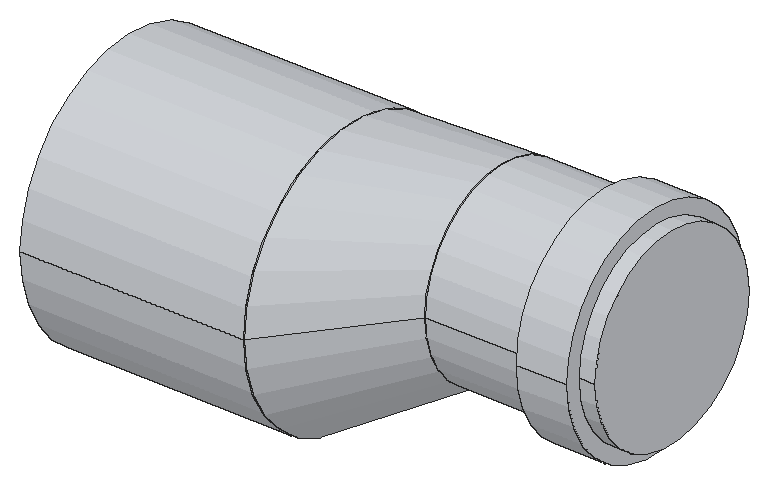
Revit family "Redutor excêntrico - PVC - SW", category Conexões de tubo, Revit 2019
Family settings
  Cota do conector redondo = Usar raio
  Tipo de parte = Múltiplas portas
  Com base no plano de trabalho = Não
  Sempre na vertical = Sim
  Corte com vazios quando carregada = Não
  Compartilhado = Não
Parameters (values of type "Padrão")
  Visibilidade 3 [instance] = Diâmetro nominal 1 < Diâmetro nominal 2  # no
  Visibilidade 2 [instance] = Diâmetro nominal 1 > Diâmetro nominal 2  # yes
  Visibilidade 1 [instance] = Diâmetro nominal 1 = Diâmetro nominal 2  # no
  Tamanho da marca de cota 2 [instance] = 0.4 * Diâmetro externo da conexão 2  # 20 mm
  Tamanho da marca de cota 1 [instance] = 0.4 * Diâmetro externo da conexão 1  # 30 mm
  Largura do soquete [instance] = size_lookup(Nome da tabela de pesquisa, "SWid", 0.2667 * Diâmetro nominal 2 + 34.70 mm, Diâmetro nominal 2)  # 47 mm
  Raio externo do soquete [instance] = 0.5 * (Diâmetro interno do soquete + 2.00 mm)  # 26.5 mm
  Diâmetro interno do soquete [instance] = size_lookup(Nome da tabela de pesquisa, "SID", Diâmetro nominal 2 + 1.00 mm, Diâmetro nominal 2)  # 51 mm
  Espessura do anel [instance] = size_lookup(Nome da tabela de pesquisa, "RThk", 0.06 * Diâmetro nominal 2 + 10.80 mm, Diâmetro nominal 2)  # 14 mm
  Raio do anel [instance] = Diâmetro do anel / 2  # 30.5 mm
  Diâmetro do anel [instance] = size_lookup(Nome da tabela de pesquisa, "RDia", 1.0617 * Diâmetro nominal 2 + 7.70 mm, Diâmetro nominal 2)  # 61 mm
  Altura do deslocamento não encontrada [instance] = if(Diâmetro nominal 1 = Diâmetro nominal 2, 0.00 mm, (-2.70 mm + 0.4723 * abs(Diâmetro nominal 1 - Diâmetro nominal 2)))  # 9.108 mm
  Altura do deslocamento [instance] = size_lookup(Nome da tabela de pesquisa, "OHgt", Altura do deslocamento não encontrada, Diâmetro nominal 1, Diâmetro nominal 2)  # 15 mm
  Altura do deslocamento 1 [instance] = if(Diâmetro nominal 1 > Diâmetro nominal 2, 5000.00 mm + Altura do deslocamento, 5000.00 mm - Altura do deslocamento)  # 5015 mm
  Raio nominal 2 [instance] = 25 mm
  Raio nominal 1 [instance] = 37.5 mm
  Diâmetro nominal 2 [instance] = Raio nominal 2 * 2  # 50 mm
  Diâmetro nominal 1 [instance] = Raio nominal 1 * 2  # 75 mm
  Método de perda = Não definido
  Nome da tabela de pesquisa = "BR_Reducer Eccentric - PVC - SW"
  Comprimento do acessório não encontrado [instance] = if(Diâmetro nominal 1 > Diâmetro nominal 2, 35.30 mm + 1.09 * Diâmetro nominal 1 - 0.59 * Diâmetro nominal 2, 16.40 mm - 0.437 * Diâmetro nominal 1 + 1.1 * Diâmetro nominal 2)  # 87.55 mm
  Comprimento da conexão [instance] = size_lookup(Nome da tabela de pesquisa, "FLgt", Comprimento do acessório não encontrado, Diâmetro nominal 1, Diâmetro nominal 2)  # 103 mm
  Diâmetro externo da conexão 2 [instance] = size_lookup(Nome da tabela de pesquisa, "FOD", Diâmetro nominal 2, Diâmetro nominal 2)  # 50 mm
  Diâmetro externo da conexão 1 [instance] = size_lookup(Nome da tabela de pesquisa, "FOD", Diâmetro nominal 1, Diâmetro nominal 1)  # 75 mm
  Comprimento do acessório 2 [instance] = 0.4 * Comprimento da conexão  # 41.2 mm
  Comprimento do acessório 1 [instance] = 0.6 * Comprimento da conexão  # 61.8 mm
  Espessura final [instance] = size_lookup(Nome da tabela de pesquisa, "EThk", 0.0065 * Diâmetro nominal 2 + 5.00 mm, Diâmetro nominal 2)  # 4.5 mm
Reference planes
  plane 1 "Centro (frente/trás)": y = 0
  plane 2: z = 0
  plane 3 "Centro (direita/esquerda)": x = 0
  plane 4: z = 15
  plane 5: z = -5000
  plane 6: x = 150
  plane 7: x = 61.8
  plane 8: x = 103
  plane 9: y = 30
  plane 10: y = -30
  plane 11: y = 20
  plane 12: y = -20
  plane 13: x = 145.5
  plane 14: z = 40
  plane 15: z = 37.5
Forms (mm)
  Extrusion 1, solid, detail levels fine
    sketch origin (0, 0, 0) x (0, 1, 0) y (0, 0, 1)
      loop
        circle (0, 15) r 26.5
    from 103 to 150
  Extrusion 2, solid, detail levels fine
    sketch origin (0, 0, 0) x (0, 1, 0) y (0, 0, 1)
      loop
        circle (0, 0) r 37.5
    from 0 to 61.8
  Blend 3, solid, detail levels fine
    base sketch origin (61.8, 791.896, 1200) x (0, 1, 0) y (0, 0, 1)
      loop
        circle (-791.896, -1200) r 37.5
    top sketch origin (61.8, 791.896, 1200) x (0, 1, 0) y (0, 0, 1)
      loop
        circle (-791.896, -1185) r 26.5
    from 0 to 41.2
  Extrusion 4, solid, detail levels fine
    sketch origin (145.5, 338.075, 1200) x (0, 1, 0) y (0, 0, 1)
      loop
        circle (-338.075, -1185) r 30.5
    from 0 to -14
  Blend 5, solid, not visible
    base sketch origin (0, 0, 0) x (0, 1, 0) y (0, 0, 1)
      loop
        line (0, 37.5) -> (-30, 37.5) -> (-30, 0) -> (0, 0) -> (0, 37.5)
    top sketch origin (0, 0, 0) x (0, 1, 0) y (0, 0, 1)
      loop
        line (20, 40) -> (0, 40) -> (0, 15) -> (20, 15) -> (20, 40)
    from 0 to 150
  Blend 6, solid, not visible
    base sketch origin (0, 0, 0) x (0, 1, 0) y (0, 0, 1)
      loop
        line (30, 37.5) -> (0, 37.5) -> (0, 0) -> (30, 0) -> (30, 37.5)
    top sketch origin (0, 0, 0) x (0, 1, 0) y (0, 0, 1)
      loop
        line (0, 40) -> (-20, 40) -> (-20, 15) -> (0, 15) -> (0, 40)
    from 0 to 150
Cuts and joins
  joined: Extrusion 1, Extrusion 4
Lines and regions (mm)
  model lines, detail levels coarse+medium
    curve 1: line (0, 30, 0) -> (0, 0, 0)
    curve 2: line (0, 0, 0) -> (0, -30, 0)
    curve 3: line (150, 20, 15) -> (150, 0, 15)
    curve 4: line (150, -20, 15) -> (150, 0, 15)
  model lines, visible <- "Visibilidade 1", detail levels coarse+medium
    curve 5: line (0, 0, 0) -> (150, 0, 0)
  model lines, visible <- "Visibilidade 2", detail levels coarse+medium
    curve 6: line (0, -30, 0) -> (150, 0, 15)
    curve 9: line (150, 0, 15) -> (0, 30, 0)
  model lines, visible <- "Visibilidade 3", detail levels coarse+medium
    curve 7: line (150, 20, 15) -> (0, 0, 0)
    curve 8: line (0, 0, 0) -> (150, -20, 15)
Dimensions and locks
  locked: plane 2 to plane 5 at 5000
  "Altura do deslocamento 1": plane 4 to plane 5
  "Comprimento do acessório 1": plane 3 "Centro (direita/esquerda)" to plane 7
  "Tamanho da marca de cota 1": plane 1 "Centro (frente/trás)" to plane 9
  "Tamanho da marca de cota 1": plane 10 to plane 1 "Centro (frente/trás)"
  "Tamanho da marca de cota 2": plane 1 "Centro (frente/trás)" to plane 11
  "Tamanho da marca de cota 2": plane 12 to plane 1 "Centro (frente/trás)"
  "Comprimento do acessório 2": plane 7 to plane 8
  "Largura do soquete": plane 8 to plane 6
  "Espessura final": plane 13 to plane 6
  "Espessura do anel": Extrusion 4 to plane 13
  "Raio nominal 2": plane 14 to plane 4
  "Raio nominal 1": plane 15 to plane 2
  "Raio externo do soquete": radius of Extrusion 1 sketch curve
  "Raio nominal 1": radius of Extrusion 2 sketch curve
  "Raio nominal 1": radius of Blend 3 sketch curve
  "Raio externo do soquete": radius of Blend 3 sketch curve
  "Raio do anel": radius of Extrusion 4 sketch curve
  aligned and locked: plane 1 "Centro (frente/trás)" to Extrusion 1 sketch curve
  aligned and locked: plane 4 to Extrusion 1 sketch curve
  aligned and locked: Extrusion 1 to plane 8
  aligned and locked: plane 6 to Extrusion 1
  aligned and locked: plane 2 to Extrusion 2 sketch curve
  aligned and locked: plane 1 "Centro (frente/trás)" to Extrusion 2 sketch curve
  aligned and locked: plane 7 to Extrusion 2
  aligned and locked: Extrusion 2 to plane 3 "Centro (direita/esquerda)"
  aligned and locked: plane 2 to Blend 3 sketch curve
  aligned and locked: plane 1 "Centro (frente/trás)" to Blend 3 sketch curve  (x2)
  aligned and locked: plane 4 to Blend 3 sketch curve
  aligned and locked: Blend 3 to Extrusion 1
  aligned and locked: Blend 3 to plane 7
  aligned and locked: curve 1 to plane 3 "Centro (direita/esquerda)"
  aligned and locked: plane 1 "Centro (frente/trás)" to Extrusion 4 sketch curve
  aligned and locked: plane 4 to Extrusion 4 sketch curve
  aligned and locked: plane 13 to Extrusion 4
  aligned and locked: plane 1 "Centro (frente/trás)" to curve 4
  aligned and locked: plane 12 to curve 4
  aligned and locked: plane 6 to curve 4  (x2)
  aligned and locked: plane 1 "Centro (frente/trás)" to curve 3
  aligned and locked: curve 3 to plane 6
  aligned and locked: plane 11 to curve 3
  aligned and locked: curve 3 to plane 4
  aligned and locked: plane 4 to curve 4
  aligned and locked: curve 3 to curve 5
  aligned and locked: plane 1 "Centro (frente/trás)" to curve 5
  aligned and locked: plane 3 "Centro (direita/esquerda)" to curve 5
  aligned and locked: Blend 5 to plane 3 "Centro (direita/esquerda)"
  aligned and locked: plane 6 to Blend 5
  aligned and locked: plane 1 "Centro (frente/trás)" to Blend 5 sketch curve  (x2)
  aligned and locked: plane 15 to Blend 5 sketch curve
  aligned and locked: curve 2 to Blend 5 sketch curve
  aligned and locked: Blend 5 sketch curve to plane 10
  aligned and locked: plane 11 to Blend 5 sketch curve
  aligned and locked: plane 14 to Blend 5 sketch curve
  aligned and locked: curve 3 to Blend 5 sketch curve
  aligned and locked: plane 9 to Blend 6 sketch curve
  aligned and locked: plane 15 to Blend 6 sketch curve
  aligned and locked: Blend 6 sketch curve to curve 2
  aligned and locked: Blend 6 sketch curve to Blend 5  (x2)
  aligned and locked: Blend 5 to Blend 6 sketch curve
  aligned and locked: Blend 6 sketch curve to curve 4
  aligned and locked: Blend 6 sketch curve to plane 12
  aligned and locked: plane 6 to Blend 6
  aligned and locked: Blend 6 to plane 3 "Centro (direita/esquerda)"
  aligned and locked: plane 3 "Centro (direita/esquerda)" to curve 6
  aligned and locked: plane 2 to curve 6
  aligned and locked: plane 6 to curve 6
  aligned and locked: plane 4 to curve 6
  aligned and locked: plane 3 "Centro (direita/esquerda)" to curve 7
  aligned and locked: plane 2 to curve 7
  aligned and locked: plane 6 to curve 7
  aligned and locked: plane 4 to curve 7
  aligned and locked: plane 3 "Centro (direita/esquerda)" to curve 8
  aligned and locked: plane 2 to curve 8
  aligned and locked: plane 6 to curve 8
  aligned and locked: plane 4 to curve 8
  aligned and locked: plane 3 "Centro (direita/esquerda)" to curve 9
  aligned and locked: plane 2 to curve 9
  aligned and locked: plane 6 to curve 9
Automatic sketch dimensions
  curve 4 to curve 4 = 20.00 mm
  curve 3 to curve 3 = 20.00 mm
  curve 2 to plane 10 = 0.00 mm
  curve 1 to plane 9 = 0.00 mm
  curve 6 to Blend 5 = 0.00 mm  (x4)
  curve 7 to Blend 5 = 0.00 mm  (x4)
  curve 8 to Blend 6 = 0.00 mm  (x4)
  curve 9 to Blend 6 = 0.00 mm  (x4)
Connectors
  piping at (0, 0, 0), diameter 75, driven by "Raio nominal 1"
    settings: on Extrusion 2, index 1, connector inside diameter 75 mm, connector length 0.00 mm, flow factor 0, pipe flow 0.0 L/s, pressure drop 0.0 Pa, fitting loss kfactor 0, connector angle 0.00°, fixture units 0, engagement length 0.00 mm, angle of deflection 0.00°, flow configuration 0, flow direction 0, fitting loss method 0, system type 28, joint type 0, gender type 0, connector reference index 2, connector utility 0, adjustable connector no, is connector primary yes, connector description ""
  piping at (150, 0, 15), diameter 50, driven by "Raio nominal 2"
    settings: on Extrusion 1, index 2, connector inside diameter 50 mm, connector length 0.00 mm, flow factor 0, pipe flow 0.0 L/s, pressure drop 0.0 Pa, fitting loss kfactor 0, connector angle 0.00°, fixture units 0, engagement length 0.00 mm, angle of deflection 0.00°, flow configuration 0, flow direction 0, fitting loss method 0, system type 28, joint type 0, gender type 0, connector reference index 1, connector utility 0, adjustable connector no, is connector primary no, connector description ""
